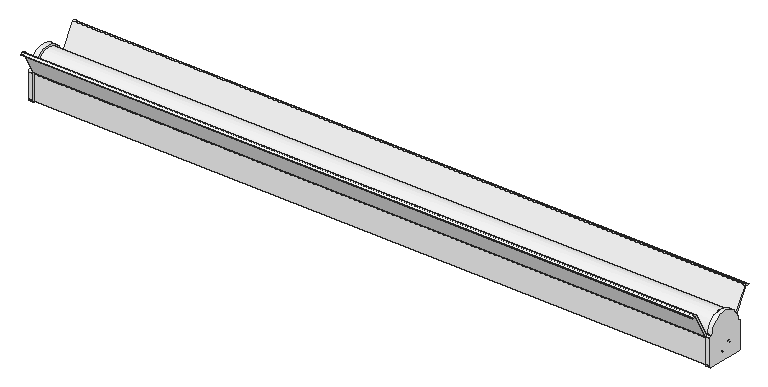
Revit family "0045197+0045233 Feilo Sylvania Lighting Fixture SYLBATTEN LED5-5 6000K DALI TP5 with SYMMETRIC REFLECTOR ACCESSORY 1200MM", category Lighting Fixtures, host Face, Revit 2017
Family settings
  Host = Face
  Round Connector Dimension = Use Diameter
  Part Type = Normal
  OmniClass Number = 23.80.70.00
  OmniClass Title = Lighting
  Cut with Voids When Loaded = No
  Light Source = Yes
  Shared = No
  Room Calculation Point = No
Parameters (values of type "0045197 SYLBATTEN LED5.5 6000K DALI TP5")
  Width_FEILO = 66 mm
  Weight = "2.684 kg"
  Wattage Comments = "n/a"
  Wattage = 53 W
  WarrantyStartDate [instance] = "n/a"
  WarrantyGuarantorParts = "n/a"
  WarrantyDurationUnit = "n/a"
  WarrantyDurationParts = "n/a"
  WarrantyDescription = "n/a"
  built-in parameter 1150110 = 1 (stored number, unit not read)
  Voltage = 230 V
  URL = "http://www.sylvania-lighting.com"
  TypeName = "SYLBATTEN LED5.5 6000K DALI TP5"
  Type Image = <None>
  Type Comments = "n/a"
  built-in parameter 1114217 = 1 (stored number, unit not read)
  Tilt Angle = -90.00°
  built-in parameter 1150109 = 1 (stored number, unit not read)
  built-in parameter 1150134 = 5
  SymReflector_FEILO = yes
  built-in parameter 1150113 = 1 (stored number, unit not read)
  SerialNumber [instance] = "n/a"
  PowerFactor = 0
  PowerConsumption = "53 W"
  Photometric Web File = "0045197+0045233.ies"
  NominalLength = 1205 mm
  NominalHeight = 76 mm
  NominalDepth = 66 mm
  Name = "SYLBATTEN LED5.5 6000K DALI TP5"
  ModelReference = Name  # "SYLBATTEN LED5.5 6000K DALI TP5"
  ModelNumber = "0045197"
  Model = Name  # "SYLBATTEN LED5.5 6000K DALI TP5"
  Material_4_FEILO = Reflector-Sylvania-Sylbatten-White
  Material_3_FEILO = Diffuser-Sylvania-Sylbatten-Glow
  Material_2_FEILO = Body-Sylvania-Sylbatten-White
  Material_1_FEILO = Body-Sylvania-Sylbatten-White
  Material = "sheet steel housing, polycarbonate diffuser"
  ManufacturerName = "Feilo Sylvania"
  Manufacturer = "Feilo Sylvania"
  LuminousEfficacy = "111 lm/W"
  built-in parameter 1150105 = 468.15 (stored number, unit not read)
  Lumens = 5883 lm
  LuminaireType = ""
  built-in parameter 1150115 = 1 (stored number, unit not read)
  LightOutputRatio = "100"
  built-in parameter 1150137 = (empty or 0)
  built-in parameter 1150139 = (empty or 0)
  Length_FEILO = 1205 mm
  LampsType = Lamp  # "LED"
  LampNominalLuminous = "5883 lm"
  LampMacAdamStep = "n/a"
  LampColourTemperature = "6000 K"
  LampColourRenderingIndex = "80"
  built-in parameter 1150112 = 1 (stored number, unit not read)
  built-in parameter 1150114 = 1 (stored number, unit not read)
  Lamp = "LED"
  Keynote = "16500"
  InstallationDate [instance] = "n/a"
  InputVoltage = "220-240V~"
  InputNominalFrequency = "n/a"
  built-in parameter 1150132 = (empty or 0)
  built-in parameter 1150102 = (empty or 0)
  built-in parameter 1150107 = 6000 (stored number, unit not read)
  built-in parameter 1150138 = (empty or 0)
  IngressProtection = "IP20"
  ImpactProtectionIndex = "IK07"
  built-in parameter 1150106 = 4.6815 (stored number, unit not read)
  IfcExportType = "IfcLightFixtureType"
  IfcExportAs = "IfcLightFixtureType"
  Height_FEILO = 76 mm
  ExpectedLife = 50000
  Emit from Rectangle Width = Length_FEILO - 16 mm  # 1189 mm
  Emit from Rectangle Length = Width_FEILO - 40 mm  # 26 mm
  Emit Shape Visible in Rendering = no
  ElectricShockClassification = "Class I"
  built-in parameter 1150104 = 10.312 (stored number, unit not read)
  DurationUnit = "hours"
  DocumentationLiterature = "http://www.sylvania-lighting.com/product/en-int/products/0045197"
  DimmingControlOptions = "Dimmable"
  Dimming Lamp Color Temperature Shift = <None>
  Description = "LED batten, T8 replacement, ease of installation through 2 part push-in design of the housing (safety cable included), through wiring capability (TP5 = 5 core), sheet steel, 5883LM, 53W, 111lm/W, 6000K, drive current: 350mA, CRI 80, 138° wide beam angle, DALI dimmable, IP20, IK07, 50,000 hrs (L70), (LxWxH) 1205x66x76mm, 5 step MacAdam ellipse, 3kg, white RAL 9016, Class 1, 220-240V, energy class: A++, A+, A."
  Default Elevation = 1219.2 mm
  CreatedOn = "2/22/2018"
  CreatedBy = ""
  Cost = 0
  Color Filter = 16777215
  built-in parameter 1114216 [instance] = (empty or 0)
  ClassificationValue = "EF_70_80"
  ClassificationName = "Uniclass2015"
  CapOffset_FEILO = 2 mm
  BarCode [instance] = "n/a"
  built-in parameter 1114218 = 1 (stored number, unit not read)
  BackReflector_FEILO = and(not(AsymReflector_FEILO), SymReflector_FEILO)  # yes
  built-in parameter 1150133 = 10 (stored number, unit not read)
  FrontReflector_FEILO = or(AsymReflector_FEILO, SymReflector_FEILO)  # yes
  AsymReflector_FEILO = no
  AssetType = "Fixed"
  AssetIdentifier [instance] = "n/a"
  Assembly Code = "D5020200"
  Apparent Load = 53 VA
Reference planes
  plane 1 "Center (Front/Back)": y = 0
  plane 2: z = 0
  plane 3 "Center (Left/Right)": x = 0
  plane 4: x = 602.5
  plane 5: x = -602.5
  plane 6: y = 33
  plane 7: y = -33
  plane 8: z = 76
  plane 9: z = 47
  plane 10: y = -29
  plane 11: y = 29
  plane 12: z = 20
  plane 13: z = 74
  plane 14: y = -31
  plane 15: y = -27
  plane 16: y = 27
  plane 17: y = 31
  plane 18: z = 2
  plane 19: x = -594.5
  plane 20: x = 594.5
  plane 21: z = 49
  plane 22: y = 1
  plane 23: y = -1
  plane 24: z = 21
  plane 25: z = 19
  plane 26: y = -61
  plane 27: y = 61
  plane 28: y = -56
  plane 29: y = 56
  plane 30: z = 91
  plane 31: z = 88
Forms (mm)
  Extrusion 1, solid, material "Body-Sylvania-Sylbatten-White" <- "Material_2_FEILO"
    sketch origin (0, 0, 0) x (0, 1, 0) y (0, 0, 1)
      loop
        line (-31, 2) -> (31, 2) -> (31, 45)
        arc (31, 45) -> (30.414, 46.414) -> (29, 47) r 2
        line (29, 47) -> (27, 47)
        arc (27, 47) -> (0, 74) -> (-27, 47) r 27
        line (-27, 47) -> (-29, 47)
        arc (-29, 47) -> (-30.414, 46.414) -> (-31, 45) r 2
        line (-31, 45) -> (-31, 2)
    from -594.5 to 594.5
  Extrusion 2, solid, material "Body-Sylvania-Sylbatten-White" <- "Material_2_FEILO"
    sketch origin (602.5, 1524, 1219.2) x (0, 1, 0) y (0, 0, 1)
      loop
        arc (-1494, -1219.2) -> (-1491.879, -1218.321) -> (-1491, -1216.2) r 3
        line (-1491, -1216.2) -> (-1491, -1173.2)
        arc (-1491, -1173.2) -> (-1491.879, -1171.079) -> (-1494, -1170.2) r 3
        line (-1494, -1170.2) -> (-1495.069, -1170.2)
        arc (-1495.069, -1170.2) -> (-1524, -1143.2) -> (-1552.931, -1170.2) r 29
        line (-1552.931, -1170.2) -> (-1554, -1170.2)
        arc (-1554, -1170.2) -> (-1556.121, -1171.079) -> (-1557, -1173.2) r 3
        line (-1557, -1173.2) -> (-1557, -1216.2)
        arc (-1557, -1216.2) -> (-1556.121, -1218.321) -> (-1554, -1219.2) r 3
        line (-1554, -1219.2) -> (-1494, -1219.2)
      loop
        arc (-1525, -1189.25) -> (-1531.071, -1192.129) -> (-1533.95, -1198.2) r 10
        line (-1533.95, -1198.2) -> (-1532.944, -1198.2)
        arc (-1532.944, -1198.2) -> (-1530.364, -1192.836) -> (-1525, -1190.256) r 9
        line (-1525, -1190.256) -> (-1525, -1189.25)
      loop
        arc (-1523, -1190.256) -> (-1517.636, -1192.836) -> (-1515.056, -1198.2) r 9
        line (-1515.056, -1198.2) -> (-1514.05, -1198.2)
        arc (-1514.05, -1198.2) -> (-1516.929, -1192.129) -> (-1523, -1189.25) r 10
        line (-1523, -1189.25) -> (-1523, -1190.256)
      loop
        line (-1532.944, -1200.2) -> (-1533.95, -1200.2)
        arc (-1533.95, -1200.2) -> (-1531.071, -1206.271) -> (-1525, -1209.15) r 10
        line (-1525, -1209.15) -> (-1525, -1208.144)
        arc (-1525, -1208.144) -> (-1530.364, -1205.564) -> (-1532.944, -1200.2) r 9
      loop
        arc (-1515.056, -1200.2) -> (-1517.636, -1205.564) -> (-1523, -1208.144) r 9
        line (-1523, -1208.144) -> (-1523, -1209.15)
        arc (-1523, -1209.15) -> (-1516.929, -1206.271) -> (-1514.05, -1200.2) r 10
        line (-1514.05, -1200.2) -> (-1515.056, -1200.2)
    from 0 to -8
  Extrusion 3, solid, material "Body-Sylvania-Sylbatten-White" <- "Material_2_FEILO"
    sketch origin (-602.5, 1524, 1219.2) x (0, 1, 0) y (0, 0, 1)
      loop
        arc (-1495.069, -1170.2) -> (-1524, -1143.2) -> (-1552.931, -1170.2) r 29
        line (-1552.931, -1170.2) -> (-1554, -1170.2)
        arc (-1554, -1170.2) -> (-1556.121, -1171.079) -> (-1557, -1173.2) r 3
        line (-1557, -1173.2) -> (-1557, -1216.2)
        arc (-1557, -1216.2) -> (-1556.121, -1218.321) -> (-1554, -1219.2) r 3
        line (-1554, -1219.2) -> (-1494, -1219.2)
        arc (-1494, -1219.2) -> (-1491.879, -1218.321) -> (-1491, -1216.2) r 3
        line (-1491, -1216.2) -> (-1491, -1173.2)
        arc (-1491, -1173.2) -> (-1491.879, -1171.079) -> (-1494, -1170.2) r 3
        line (-1494, -1170.2) -> (-1495.069, -1170.2)
      loop
        line (-1533.95, -1198.2) -> (-1532.944, -1198.2)
        arc (-1532.944, -1198.2) -> (-1530.364, -1192.836) -> (-1525, -1190.256) r 9
        line (-1525, -1190.256) -> (-1525, -1189.25)
        arc (-1525, -1189.25) -> (-1531.071, -1192.129) -> (-1533.95, -1198.2) r 10
      loop
        line (-1523, -1189.25) -> (-1523, -1190.256)
        arc (-1523, -1190.256) -> (-1517.636, -1192.836) -> (-1515.056, -1198.2) r 9
        line (-1515.056, -1198.2) -> (-1514.05, -1198.2)
        arc (-1514.05, -1198.2) -> (-1516.929, -1192.129) -> (-1523, -1189.25) r 10
      loop
        line (-1514.05, -1200.2) -> (-1515.056, -1200.2)
        arc (-1515.056, -1200.2) -> (-1517.636, -1205.564) -> (-1523, -1208.144) r 9
        line (-1523, -1208.144) -> (-1523, -1209.15)
        arc (-1523, -1209.15) -> (-1516.929, -1206.271) -> (-1514.05, -1200.2) r 10
      loop
        line (-1525, -1209.15) -> (-1525, -1208.144)
        arc (-1525, -1208.144) -> (-1530.364, -1205.564) -> (-1532.944, -1200.2) r 9
        line (-1532.944, -1200.2) -> (-1533.95, -1200.2)
        arc (-1533.95, -1200.2) -> (-1531.071, -1206.271) -> (-1525, -1209.15) r 10
    from 0 to 8
  Extrusion 4, solid, material "Reflector-Sylvania-Sylbatten-White" <- "Material_4_FEILO", visible <- "FrontReflector_FEILO"
    sketch origin (0, 0, 0) x (0, 1, 0) y (0, 0, 1)
      loop
        line (-61.257, 88.429) -> (-60.743, 87.571) -> (-56.621, 90.044)
        arc (-56.621, 90.044) -> (-56.237, 90.099) -> (-55.929, 89.863) r 0.5
        line (-55.929, 89.863) -> (-31.435, 46.753) -> (-30.565, 47.247) -> (-55.312, 90.802)
        arc (-55.312, 90.802) -> (-55.928, 91.275) -> (-56.696, 91.165) r 1
        line (-56.696, 91.165) -> (-61.257, 88.429)
    from -594.5 to 594.5
  Extrusion 5, solid, material "Reflector-Sylvania-Sylbatten-White" <- "Material_4_FEILO", visible <- "BackReflector_FEILO"
    sketch origin (0, 0, 0) x (0, 1, 0) y (0, 0, 1)
      loop
        line (30.565, 47.247) -> (31.435, 46.753) -> (55.932, 89.868)
        arc (55.932, 89.868) -> (56.245, 90.112) -> (56.638, 90.062) r 0.518
        line (56.638, 90.062) -> (61.033, 87.565) -> (61.527, 88.435) -> (56.682, 91.188)
        arc (56.682, 91.188) -> (55.922, 91.282) -> (55.318, 90.812) r 1
        line (55.318, 90.812) -> (30.565, 47.247)
    from -594.5 to 594.5
Lines and regions (mm)
  reference lines
    curve 1: line (0, -61, 88) -> (0, -56, 91)
    curve 2: line (0, -56, 91) -> (0, -31, 47)
    curve 3: line (0, 31, 47) -> (0, 56, 91)
    curve 4: line (0, 56, 91) -> (0, 61.28, 88)
Dimensions and locks
  equal spacing: plane 5, plane 3 "Center (Left/Right)", plane 4
  equal spacing: plane 7, plane 1 "Center (Front/Back)", plane 6
  "Width_FEILO": plane 7 to plane 6
  "Length_FEILO": plane 5 to plane 4
  "Height_FEILO": plane 8 to plane 2
  locked: plane 9 to plane 8 at 29
  equal spacing: plane 10, plane 1 "Center (Front/Back)", plane 11
  locked: plane 7 to plane 10 at 4
  locked: plane 12 to plane 2 at 20
  "CapOffset_FEILO": plane 13 to plane 8
  "CapOffset_FEILO": plane 7 to plane 14
  "CapOffset_FEILO": plane 10 to plane 15
  "CapOffset_FEILO": plane 17 to plane 6
  "CapOffset_FEILO": plane 16 to plane 11
  "CapOffset_FEILO": plane 18 to plane 2
  locked: plane 14 to Extrusion 1 sketch curve at 2
  locked: Extrusion 1 sketch curve to plane 9 at 2  (x2)
  locked: plane 16 to Extrusion 1 sketch curve at 2
  equal spacing: plane 19, plane 3 "Center (Left/Right)", plane 20
  locked: plane 5 to plane 19 at 8
  "CapOffset_FEILO": plane 9 to plane 21
  locked: Extrusion 2 sketch curve to plane 2 at 47
  locked: Extrusion 1 sketch curve to plane 2 at 47
  locked: Extrusion 2 sketch curve to plane 2 at 3  (x2)
  locked: plane 7 to Extrusion 2 sketch curve at 3  (x2)
  locked: Extrusion 2 sketch curve to plane 6 at 3  (x2)
  locked: Extrusion 2 sketch curve to plane 21 at 3  (x2)
  equal spacing: plane 23, plane 1 "Center (Front/Back)", plane 22
  equal spacing: plane 25, plane 12, plane 24
  plane 30 to plane 31 to plane 2 = 3 mm locked, 88 mm locked
  plane 28 to plane 29 = 112 mm
  plane 26 to plane 27 = 122 mm
  aligned and locked: plane 2 to host face
  aligned and locked: level to host face
  aligned and locked: plane 18 to Extrusion 1 sketch curve
  aligned and locked: plane 14 to Extrusion 1 sketch curve
  aligned and locked: Extrusion 1 sketch curve to plane 9  (x2)
  aligned and locked: Extrusion 1 sketch curve to plane 17
  aligned and locked: plane 15 to Extrusion 1 sketch curve
  aligned and locked: plane 16 to Extrusion 1 sketch curve
  aligned and locked: plane 9 to Extrusion 1 sketch curve
  aligned and locked: plane 20 to Extrusion 1
  aligned and locked: level to Extrusion 2 sketch curve
  aligned and locked: Extrusion 2 sketch curve to plane 7
  aligned and locked: plane 21 to Extrusion 2 sketch curve
  aligned and locked: Extrusion 2 sketch curve to plane 21
  aligned and locked: plane 1 "Center (Front/Back)" to Extrusion 2 sketch curve  (x3)
  aligned and locked: Extrusion 2 to Extrusion 1
  aligned and locked: plane 4 to Extrusion 2
  aligned and locked: plane 12 to Extrusion 2 sketch curve  (x2)
  aligned and locked: Extrusion 2 sketch curve to plane 22
  aligned and locked: Extrusion 2 sketch curve to plane 23
  aligned and locked: Extrusion 2 sketch curve to plane 24
  aligned and locked: Extrusion 2 sketch curve to plane 25
  aligned and locked: plane 25 to Extrusion 2 sketch curve
  aligned and locked: plane 22 to Extrusion 2 sketch curve
  aligned and locked: plane 24 to Extrusion 2 sketch curve
  aligned and locked: plane 23 to Extrusion 2 sketch curve  (x2)
  aligned and locked: Extrusion 3 sketch curve to Extrusion 2  (x22)
  aligned and locked: Extrusion 3 to Extrusion 1
  aligned and locked: Extrusion 3 to plane 5
  aligned and locked: plane 19 to Extrusion 3
  aligned and locked: plane 31 to curve 1
  aligned and locked: plane 30 to curve 1
  aligned and locked: plane 14 to curve 2
  aligned and locked: plane 9 to curve 2
  aligned and locked: plane 17 to curve 3
  aligned and locked: plane 30 to curve 3
  aligned and locked: plane 31 to curve 4
  aligned and locked: Extrusion 4 sketch curve to curve 2
  aligned and locked: Extrusion 4 sketch curve to curve 1
  aligned and locked: Extrusion 4 to Extrusion 1
  aligned and locked: Extrusion 1 to Extrusion 4
  aligned and locked: imposter light to plane 1 "Center (Front/Back)"
  aligned and locked: imposter light to plane 3 "Center (Left/Right)"
  aligned and locked: imposter light to plane 13
  aligned and locked: Extrusion 5 sketch curve to curve 4
  aligned and locked: Extrusion 5 sketch curve to curve 3
  aligned and locked: Extrusion 1 to Extrusion 5
  aligned and locked: Extrusion 5 to Extrusion 1
Automatic sketch dimensions
  host sketch curve to host sketch curve = 2438.4 mm  (x2)
  Extrusion 2 sketch curve to Extrusion 2 sketch curve = 0 mm  (x14)
  Extrusion 2 sketch curve to plane 10 = 0.069 mm
  plane 23 to Extrusion 2 sketch curve = 8.95 mm
  Extrusion 2 sketch curve to Extrusion 2 sketch curve = 1.006 mm  (x4)
  Extrusion 2 sketch curve to plane 22 = 7.944 mm
  curve 1 to plane 26 = 0 mm
  curve 2 to plane 28 = 0 mm
  curve 4 to plane 29 = 0 mm
  plane 9 to curve 3 = 0 mm
  plane 26 to Extrusion 4 sketch curve = 0.257 mm
  Extrusion 4 sketch curve to plane 26 = 0.257 mm
  Extrusion 4 sketch curve to plane 30 = 0.165 mm
  plane 28 to Extrusion 4 sketch curve = 0.696 mm
  plane 28 to Extrusion 4 sketch curve = 0.621 mm
  plane 28 to Extrusion 4 sketch curve = 0.364 mm
  plane 28 to Extrusion 4 sketch curve = 0.182 mm
  Extrusion 4 sketch curve to plane 28 = 0.071 mm
  plane 30 to Extrusion 4 sketch curve = 0.198 mm
  Extrusion 4 sketch curve to plane 28 = 0.688 mm
  plane 9 to Extrusion 4 sketch curve = 0.247 mm
  plane 1 "Center (Front/Back)" to Extrusion 4 sketch curve = 31.435 mm
  Extrusion 5 sketch curve to plane 9 = 0.247 mm
  Extrusion 5 sketch curve to plane 1 "Center (Front/Back)" = 30.565 mm
  plane 9 to Extrusion 5 sketch curve = 0.247 mm
  plane 30 to Extrusion 5 sketch curve = 0.188 mm
  plane 29 to Extrusion 5 sketch curve = 0.068 mm
  Extrusion 5 sketch curve to plane 29 = 0.188 mm
  Extrusion 5 sketch curve to plane 29 = 0.382 mm
  Extrusion 5 sketch curve to Extrusion 5 sketch curve = 0.256 mm
  Extrusion 5 sketch curve to plane 30 = 0.188 mm
  Extrusion 5 sketch curve to plane 29 = 0.682 mm
  Extrusion 5 sketch curve to plane 27 = 0.033 mm
  Extrusion 5 sketch curve to plane 27 = 0.527 mm
Connectors
  electrical at (0, 0, 0), driven by "Apparent Load", driven by "PowerFactor", driven by "Voltage"
    settings: index 1, voltage 230 V, apparent load 53 VA, apparent load phase1 0 VA, apparent load phase2 0 VA, apparent load phase3 0 VA, power factor 0, load classification "Lighting", number of poles 1, system type 30, power factor state 1, is connector primary yes, connector utility no, sub classification motor no, connector description ""
